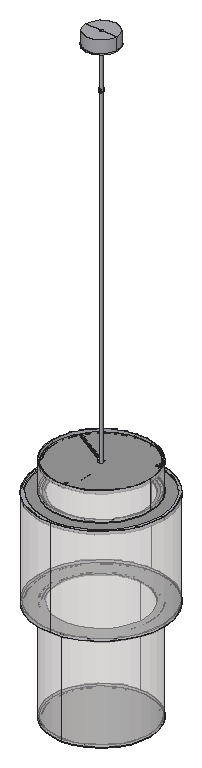
Revit family "Lighting - Lumetta - Pendant - P5542-Full", category Lighting Fixtures, host Ceiling, Revit 2015
Parameters
  Wattage = 11.7117 W
  built-in parameter 1150110 = 1 (stored number, unit not read)
  URL = "https://lumetta.com/luminaires/drum-double-42-pendant/"
  Type Comments = "Drum Double 42'' Pendant"  # constant formula
  built-in parameter 1114217 = 1 (stored number, unit not read)
  Top Lens-Material [instance] = Acrylic - 2447 - White
  Top Lens [instance] = yes
  built-in parameter 1150109 = 1 (stored number, unit not read)
  built-in parameter 1150134 = (empty or 0)
  Suspension [instance] = 2
  built-in parameter 1150113 = 1 (stored number, unit not read)
  Stem Hung-ALL Lamping [instance] = Suspension = 2  # yes
  P5542 URL [instance] = "https://lumetta.com/luminaires/drum-double-42-pendant/"
  Middle  Diffuser Material [instance] = Shade - Lumetta - D61 - MT_White
  Light Source Symbol Size = 0' - 1"
  Bottom  Diffuser Material [instance] = Shade - Lumetta - D61 - MT_White
  Coupling-Stems Over 60 inches [instance] = and([Stem Hung-ALL Lamping], Fixture Drop > 5' 0")  # yes
  Model = "P5542"  # constant formula
  Manufacturer = "Lumetta, Inc."  # constant formula
  Lumens = 1300 lm
  built-in parameter 1150115 = 1 (stored number, unit not read)
  built-in parameter 1150105 = 103.45 (stored number, unit not read)
  built-in parameter 1150137 = (empty or 0)
  built-in parameter 1150139 = (empty or 0)
  built-in parameter 1150112 = 1 (stored number, unit not read)
  built-in parameter 1150114 = 1 (stored number, unit not read)
  built-in parameter 1150132 = 1
  built-in parameter 1150102 = (empty or 0)
  built-in parameter 1150138 = (empty or 0)
  built-in parameter 1150107 = 3000 (stored number, unit not read)
  built-in parameter 1150106 = 1.0345 (stored number, unit not read)
  Frame Finish [instance] = Paint - Lumetta - F02 - PC_Chrome
  Fixture Height [instance] = 3' - 6"
  Fixture Drop [instance] = 5' - 10"
  built-in parameter 1150104 = 10.312 (stored number, unit not read)
  Dimming Lamp Color Temperature Shift = (empty or 0)
  Upper Diffuser Material [instance] = Shade - Lumetta - D61 - MT_White
  Description = ""
  Cord [instance] = Suspension = 1  # no
  Bottom Lens-Material [instance] = Acrylic - P95 - Etched White
  Bottom Lens [instance] = yes
  3 Cables [instance] = Suspension = 1  # no
  1CRD-3CB [instance] = Suspension = 1  # no
  Cord Color [instance] = Cord, Black
  Color Filter = 16777215
  built-in parameter 1114218 = 1 (stored number, unit not read)
  built-in parameter 1150133 = 10 (stored number, unit not read)
Reference planes (in)
  plane 1 "Light Source Axis (F/B)": y = 0
  plane 2 "Ceiling": z = 96
  plane 3 "Light Source Axis (L/R)": x = 0
  plane 4 "Light Source Elevation": z = 23.5
  plane 5 "Fixture-Top": z = 26
  plane 6 "Fixture-Radius": x = 9
  plane 7 "Fixture-Height": z = -16
Forms (in)
  Revolve 1, solid, material "Paint - Lumetta - F02 - PC_Chrome" <- "Frame Finish", visible <- "1CRD-3CB"
    sketch origin (0, 0, 0) x (1, 0, 0) y (0, 0, 1)
      loop
        line (0, 96) -> (0, 94.9375) -> (0.2793, 94.9375) -> (0.375, 95.4375) -> (3, 95.4375) -> (3, 95.5) -> (2.87509, 95.5) -> (2.87509, 96) -> (0, 96)
      axis (0, 96) -> (0, 94.9375)
    angle from 0 to 360
  Extrusion 2, void
    sketch origin (0, 0, 95.4375) x (0, -1, 0) y (1, 0, 0)
      loop
        circle (0, 0) r 0.25
      loop
        circle (2.5, 0) r 0.06274
      loop
        circle (-1.25012, 2.16499) r 0.06231
      loop
        circle (-1.20848, -2.18851) r 0.06217
    from 0 to 0.06358
  Revolve 3, solid, material "Paint - Lumetta - F02 - PC_Chrome" <- "Frame Finish"
    sketch origin (0, 0, 0) x (1, 0, 0) y (0, 0, 1)
      loop
        arc (1.9375, 93.36401) -> (2.12349, 93.55) -> (1.9375, 93.73599) r 0.18599
        line (1.9375, 93.73599) -> (1.9375, 93.36401)
      axis (1.9375, 93.73599) -> (1.9375, 93.36401)
    angle from 0 to 360
  Revolve 4, solid, material "Paint - Lumetta - F02 - PC_Chrome" <- "Frame Finish", visible <- "Stem Hung-ALL Lamping"
    sketch origin (0, 0, 0) x (-1, 0, 0) y (0, 0, 1)
      loop
        arc (1.9375, 93.37651) -> (2.12349, 93.5625) -> (1.9375, 93.74849) r 0.18599
        line (1.9375, 93.74849) -> (1.9375, 93.37651)
      axis (1.9375, 93.74849) -> (1.9375, 93.37651)
    angle from 0 to 360
  Revolve 5, solid, material "Paint - Lumetta - F02 - PC_Chrome" <- "Frame Finish"
    sketch origin (0, 0, 0) x (1, 0, 0) y (0, 0, 1)
      loop
        line (9, 26) -> (8.93781, 26) -> (8.93781, 25.56373) -> (8.50031, 25.56373) -> (8.50031, 25.50123) -> (9, 25.50123) -> (9, 26)
      loop
        line (9, 21.25004) -> (8.93781, 21.25004) -> (8.93781, 20.81378) -> (8.50031, 20.81378) -> (8.50031, 20.75) -> (9, 20.75) -> (9, 21.25004)
      loop
        line (11.5, 3.25004) -> (11.43781, 3.25004) -> (11.43781, 2.81378) -> (11.00031, 2.81378) -> (11.00031, 2.75) -> (11.5, 2.75) -> (11.5, 3.25004)
      loop
        line (11.5, 20.24996) -> (11.5, 20.75) -> (11.00031, 20.75) -> (11.00031, 20.68622) -> (11.43781, 20.68622) -> (11.43781, 20.24996) -> (11.5, 20.24996)
      loop
        line (9, 2.31246) -> (9, 2.8125) -> (8.5, 2.8125) -> (8.5, 2.74872) -> (8.93781, 2.74872) -> (8.93781, 2.31246) -> (9, 2.31246)
      loop
        line (9, -15.49996) -> (8.93781, -15.49996) -> (8.93781, -15.93622) -> (8.50031, -15.93622) -> (8.50031, -16) -> (9, -16) -> (9, -15.49996)
      axis (0, 26) -> (0, -16)
    angle from 0 to 360
  Revolve 6, solid, material "Shade - Lumetta - D61 - MT_White" <- "Upper Diffuser Material"
    sketch origin (0, 0, 0) x (1, 0, 0) y (0, 0, 1)
      loop
        line (9, 26) -> (9, 20.75) -> (9.03125, 20.75) -> (9.03125, 26) -> (9, 26)
      axis (0, 26) -> (0, 20.75)
    angle from 0 to 360
  Extrusion 7, solid, material "Paint - Lumetta - F02 - PC_Chrome" <- "Frame Finish"
    sketch origin (0, 0, 26) x (0, -1, 0) y (-1, 0, 0)
      loop
        line (7.74875, 0.5) -> (7.74875, -0.5) -> (8.96875, -0.5) -> (8.96875, 0.5) -> (7.74875, 0.5)
      loop
        circle (7.99875, 0) r 0.106
      loop
        line (-3.44136, -6.96061) -> (-4.30739, -6.46061) -> (-4.91739, -7.51717) -> (-4.05136, -8.01717) -> (-3.44136, -6.96061)
      loop
        circle (-3.99938, -6.92712) r 0.106
      loop
        line (-4.30739, 6.46061) -> (-3.44136, 6.96061) -> (-4.05136, 8.01717) -> (-4.91739, 7.51717) -> (-4.30739, 6.46061)
      loop
        circle (-3.99938, 6.92712) r 0.106
    from 0.56254 to 0.49877
  Extrusion 8, solid
    sketch origin (0, 0, 26) x (0, -1, 0) y (1, 0, 0)
      loop
        circle (7.99875, 0) r 0.125
      loop
        line (8.272, -0.9375) -> (8.272, 0.9375) -> (3.7512, 0.9375) -> (-1.0637, 3.71739) -> (-3.3241, 7.63251) -> (-4.9479, 6.69501) -> (-2.6875, 2.77989) -> (-2.6875, -2.77989) -> (-4.9479, -6.69501) -> (-3.3241, -7.63251) -> (-1.0637, -3.71739) -> (3.7512, -0.9375) -> (8.272, -0.9375)
      loop
        circle (0, 0) r 0.21875
      loop
        circle (-3.99937, 6.92712) r 0.125
      loop
        circle (-3.99937, -6.92712) r 0.125
    from -0.56254 to -0.625
  Sweep 9, solid, material "Steel, Galvanized", visible <- "3 Cables"
    path origin (0, 0, 0) x (0, 1, 0) y (0, 0, 1)
      loop
        line (-2.5, 95.50108) -> (-7.99993, 25.50123)
    profile origin (0, -5.24996, 60.50116) x (0, 0.996928, -0.078329) y (1, 0, 0)
      loop
        circle (0, 0) r 0.03125
  Revolve 10, solid, material "Paint - Lumetta - F02 - PC_Chrome" <- "Frame Finish", visible <- "Stem Hung-ALL Lamping"
    sketch origin (0, 0, -1.37386) x (1, 0, 0) y (0, 0, 1)
      loop
        arc (1.9375, 94.75037) -> (2.12349, 94.93636) -> (1.9375, 95.12236) r 0.18599
        line (1.9375, 95.12236) -> (1.9375, 94.75037)
      axis (1.9375, 95.12236) -> (1.9375, 94.75037)
    angle from 0 to 360
  Revolve 11, solid, material "Paint - Lumetta - F02 - PC_Chrome" <- "Frame Finish"
    sketch origin (0, 0, -1.37386) x (-1, 0, 0) y (0, 0, 1)
      loop
        arc (1.9375, 94.75037) -> (2.12349, 94.93636) -> (1.9375, 95.12236) r 0.18599
        line (1.9375, 95.12236) -> (1.9375, 94.75037)
      axis (1.9375, 95.12236) -> (1.9375, 94.75037)
    angle from 0 to 360
  Extrusion 12, solid, material "Paint - Lumetta - F02 - PC_Chrome" <- "Frame Finish", visible <- "Stem Hung-ALL Lamping"
    sketch origin (0, 0, 26) x (0, -1, 0) y (-1, 0, 0)
      loop
        circle (0, 0) r 0.25
    from 0.56254 to -70
  Revolve 13, solid, material "Paint - Lumetta - F02 - PC_Chrome" <- "Frame Finish", visible <- "Coupling-Stems Over 60 inches"
    sketch origin (0, 0, 0) x (1, 0, 0) y (0, 0, 1)
      loop
        line (0, 86.53023) -> (0, 86) -> (0.26233, 86)
        arc (0.26233, 86) -> (0.31307, 86.05074) -> (0.26233, 86.10149) r 0.05074
        arc (0.26233, 86.10149) -> (0.29304, 86.26499) -> (0.26243, 86.42851) r 0.45126
        arc (0.26243, 86.42851) -> (0.31329, 86.47937) -> (0.26243, 86.53023) r 0.05086
        line (0.26243, 86.53023) -> (0, 86.53023)
      axis (0, 86.53023) -> (0, 86)
    angle from 0 to 360
  Revolve 14, solid, material "Paint - Lumetta - F02 - PC_Chrome" <- "Frame Finish", visible <- "Stem Hung-ALL Lamping"
    sketch origin (0, 0, 0) x (1, 0, 0) y (0, 0, 1)
      loop
        line (0, 96) -> (0, 93.40625) -> (0.34988, 93.40625)
        arc (0.34988, 93.40625) -> (0.49124, 93.54417) -> (0.58115, 93.72) r 0.61026
        line (0.58115, 93.72) -> (3, 93.72) -> (3, 93.78) -> (2.875, 93.78) -> (2.875, 96) -> (0, 96)
      axis (0, 96) -> (0, 93.40625)
    angle from 0 to 360
  Extrusion 15, solid, material "Cord, Black" <- "Cord Color", visible <- "Cord"
    sketch origin (0, 0, 26) x (0, -1, 0) y (1, 0, 0)
      loop
        circle (0, 0) r 0.15674
    from -0.56254 to 69.5
  Extrusion 16, solid, material "Acrylic - P95 - Etched White" <- "Bottom Lens-Material", visible <- "Bottom Lens"
    sketch origin (0.06736, 0, 13) x (0, -1, 0) y (1, 0, 0)
      loop
        circle (0, -0.06736) r 8.875
    from -28.93622 to -28.81953
  Extrusion 17, solid, material "Acrylic - P95 - Etched White" <- "Bottom Lens-Material"
    sketch origin (-0.07923, 0, 18.5) x (0, -1, 0) y (1, 0, 0)
      loop
        circle (0, 0.07923) r 11.375
      loop
        circle (0, 0.07923) r 8
    from 2.06506 to 2.18622
  Extrusion 18, solid, material "Acrylic - P95 - Etched White" <- "Bottom Lens-Material"
    sketch origin (0.06736, 0, 15.5) x (0, -1, 0) y (1, 0, 0)
      loop
        circle (0, -0.06736) r 11.375
      loop
        circle (0, -0.06736) r 8
    from -12.57299 to -12.68622
  Extrusion 19, solid, material "Shade - Lumetta - D61 - MT_White" <- "Bottom  Diffuser Material"
    sketch origin (0, 0, -16) x (0, -1, 0) y (1, 0, 0)
      loop
        circle (0, 0) r 9
      loop
        circle (0, 0) r 9.03125
    from 0 to 18.75
  Extrusion 20, solid, material "Shade - Lumetta - D61 - MT_White" <- "Middle  Diffuser Material"
    sketch origin (0, 0, -16) x (0, -1, 0) y (1, 0, 0)
      loop
        circle (0, 0) r 11.5
      loop
        circle (0, 0) r 11.53125
    from 18.75 to 36.75
  Extrusion 21, solid, material "Acrylic - P95 - Etched White" <- "Bottom Lens-Material", visible <- "Top Lens"
    sketch origin (-1.17366, 0, 23.43618) x (0, -1, 0) y (1, 0, 0)
      loop
        line (8.68475, 0.95491) -> (7.99875, 0.95491)
        arc (7.99875, 0.95491) -> (7.78, 1.17366) -> (7.99875, 1.39241) r 0.21875
        line (7.99875, 1.39241) -> (8.68475, 1.39241)
        arc (8.68475, 1.39241) -> (4.34375, 8.69726) -> (-4.15293, 8.80425) r 8.6875
        line (-4.15293, 8.80425) -> (-3.80993, 8.21016)
        arc (-3.80993, 8.21016) -> (-3.89, 7.91134) -> (-4.18882, 7.99141) r 0.21875
        line (-4.18882, 7.99141) -> (-4.53182, 8.5855)
        arc (-4.53182, 8.5855) -> (-8.6875, 1.17366) -> (-4.53182, -6.23817) r 8.6875
        line (-4.53182, -6.23817) -> (-0.4315, 0.86378)
        arc (-0.4315, 0.86378) -> (0.26563, 1.63374) -> (-0.05262, 0.64503) r 0.53125
        line (-0.05262, 0.64503) -> (-4.15293, -6.45692)
        arc (-4.15293, -6.45692) -> (4.34375, -6.34993) -> (8.68475, 0.95491) r 8.6875
    from 2.06506 to 2.18622
  Sweep 22, solid, material "Steel, Galvanized", visible <- "3 Cables"
    path origin (0, 0, 0) x (-0.866025, -0.5, 0) y (0, 0, 1)
      loop
        line (-2.5, 95.50108) -> (-7.99993, 25.50123)
    profile origin (4.5466, 2.62498, 60.50116) x (-0.863365, -0.498464, -0.078329) y (-0.5, 0.866025, 0)
      loop
        circle (0, 0) r 0.03125
  Sweep 23, solid, material "Steel, Galvanized", visible <- "3 Cables"
    path origin (0, 0, 0) x (0.866025, -0.5, 0) y (0, 0, 1)
      loop
        line (-2.5, 95.50108) -> (-7.99993, 25.50123)
    profile origin (-4.5466, 2.62498, 60.50116) x (0.863365, -0.498464, -0.078329) y (-0.5, -0.866025, 0)
      loop
        circle (0, 0) r 0.03125
Cuts and joins
  joined: Revolve 5, Extrusion 7
Dimensions and locks (in)
  equal spacing: host sketch curve, plane 3 "Light Source Axis (L/R)", host sketch curve
  equal spacing: host sketch curve, plane 1 "Light Source Axis (F/B)", host sketch curve
  host sketch curve to host sketch curve = 10' - 0"  (x2)
  "Fixture Drop": plane 2 "Ceiling" to plane 5 "Fixture-Top"
  locked: plane 5 "Fixture-Top" to plane 4 "Light Source Elevation" at 2.5
  plane 6 "Fixture-Radius" to plane 3 "Light Source Axis (L/R)" = 0' - 9"
  "Fixture Height": plane 5 "Fixture-Top" to plane 7 "Fixture-Height"
  locked: Revolve 1 sketch curve to plane 3 "Light Source Axis (L/R)" at 2.87509
  locked: Revolve 1 sketch curve to plane 3 "Light Source Axis (L/R)" at 3
  locked: Extrusion 2 sketch curve to Extrusion 2 sketch curve at 2.5  (x3)
  locked: plane 1 "Light Source Axis (F/B)" to Extrusion 2 sketch curve at 1.20848
  locked: plane 1 "Light Source Axis (F/B)" to Extrusion 2 sketch curve at 1.25012
  locked: Revolve 3 sketch curve to plane 3 "Light Source Axis (L/R)" at 1.9375
  plane 6 "Fixture-Radius" to Revolve 5 sketch curve = 0' - 0.06219"
  locked: Revolve 6 sketch curve to plane 6 "Fixture-Radius" at 0.03125
  locked: Extrusion 7 sketch curve to Extrusion 7 sketch curve at 1  (x3)
  Extrusion 7 sketch curve to plane 3 "Light Source Axis (L/R)" = 0' - 0 1/2"
  host ceiling to Revolve 3 sketch curve = 0' - 2.45"
  host ceiling to Revolve 4 sketch curve = 0' - 2 7/16"
  locked: host ceiling to Revolve 10 sketch curve at 2.4375
  locked: host ceiling to Revolve 11 sketch curve at 2.4375
  locked: Extrusion 12 sketch curve to imposter light
  locked: Extrusion 12 sketch curve to imposter light at 0
  Revolve 13 sketch curve to Revolve 13 sketch curve = 0' - 0.15822"
  locked: Revolve 13 sketch curve to Revolve 6 at 60
  locked: Revolve 13 sketch curve to Revolve 13 sketch curve at 0.53023
  locked: Revolve 13 sketch curve to Revolve 13 sketch curve at 0.26243
  locked: Revolve 13 sketch curve to Revolve 13 sketch curve at 0.26233
  locked: Revolve 13 sketch curve to Revolve 13 sketch curve at 0.05074
  locked: Revolve 13 sketch curve to Revolve 13 sketch curve at 0.47937
  locked: Revolve 13 sketch curve to Revolve 13 sketch curve at 0.26512
  locked: Revolve 14 sketch curve to Revolve 14 sketch curve at 2.875
  locked: Revolve 14 sketch curve to Revolve 14 sketch curve at 0.31375
  locked: plane 5 "Fixture-Top" to Revolve 5 sketch curve at 0.49877
  locked: Revolve 5 sketch curve to Revolve 5 sketch curve at 0.0625
  locked: plane 6 "Fixture-Radius" to Revolve 5 sketch curve at 0.49969
  locked: Revolve 1 sketch curve to Revolve 1 sketch curve at 0.0625
  locked: host ceiling to Revolve 1 sketch curve at 0.5625
  locked: Revolve 1 sketch curve to Revolve 1 sketch curve at 0.5625
  locked: Revolve 1 sketch curve to Revolve 1 sketch curve at 3
  Revolve 1 sketch curve to Revolve 1 sketch curve = 0' - 2.87509"
  locked: Revolve 1 sketch curve to Revolve 1 sketch curve at 0.5
  locked: Revolve 1 sketch curve to Revolve 1 sketch curve at 0.375
  locked: Revolve 1 sketch curve to Revolve 1 sketch curve at 0.2793
  Revolve 3 sketch curve to Revolve 3 sketch curve = 0' - 0"
  Revolve 1 to Revolve 3 sketch curve = 0' - 2.45"
  locked: Revolve 1 to Revolve 4 sketch curve at 2.4375
  locked: plane 5 "Fixture-Top" to Revolve 5 sketch curve at 5.25  (x2)
  locked: Revolve 5 sketch curve to Revolve 5 sketch curve at 0.06378  (x3)
  locked: Revolve 5 sketch curve to Revolve 5 sketch curve at 0.50004  (x3)
  locked: Revolve 5 sketch curve to Revolve 5 sketch curve at 0.06219  (x2)
  locked: plane 3 "Light Source Axis (L/R)" to Extrusion 16 sketch curve
  locked: Extrusion 16 sketch curve to plane 1 "Light Source Axis (F/B)"
  locked: Extrusion 17 sketch curve to plane 3 "Light Source Axis (L/R)"
  locked: Extrusion 17 sketch curve to plane 1 "Light Source Axis (F/B)"
  locked: Extrusion 18 sketch curve to plane 3 "Light Source Axis (L/R)" at 0
  locked: Extrusion 18 sketch curve to plane 1 "Light Source Axis (F/B)"
  locked: plane 6 "Fixture-Radius" to Revolve 6 sketch curve
  locked: Extrusion 16 to plane 7 "Fixture-Height" at 0.06378
  locked: Extrusion 16 to Extrusion 16 at 0.1167
  locked: Revolve 5 sketch curve to plane 6 "Fixture-Radius" at 0
  locked: Revolve 5 sketch curve to plane 6 "Fixture-Radius" at 2.5
  locked: Revolve 5 sketch curve to Revolve 5 sketch curve at 0.49969  (x3)
  locked: plane 6 "Fixture-Radius" to Revolve 5 sketch curve at 2.5
  locked: plane 1 "Light Source Axis (F/B)" to Extrusion 19 sketch curve
  locked: Extrusion 19 sketch curve to plane 3 "Light Source Axis (L/R)" at 0
  locked: Extrusion 20 sketch curve to plane 3 "Light Source Axis (L/R)" at 0
  locked: Extrusion 20 sketch curve to plane 1 "Light Source Axis (F/B)"
  locked: Extrusion 7 sketch curve to Extrusion 7 sketch curve at 1.22  (x3)
  locked: Extrusion 7 sketch curve to Extrusion 7 sketch curve at 0.25  (x3)
  locked: Extrusion 7 sketch curve to plane 1 "Light Source Axis (F/B)" at 7.99875
  locked: Extrusion 8 sketch curve to plane 3 "Light Source Axis (L/R)" at 0
  locked: Extrusion 8 sketch curve to plane 1 "Light Source Axis (F/B)"
  locked: plane 3 "Light Source Axis (L/R)" to Extrusion 8 sketch curve at 0.9375
  locked: Extrusion 8 sketch curve to plane 1 "Light Source Axis (F/B)" at 8.272
  Revolve 5 sketch curve to plane 7 "Fixture-Height" = 0' - 0"
  locked: plane 3 "Light Source Axis (L/R)" to Revolve 5 sketch curve at 9
  Revolve 5 sketch curve to Revolve 5 sketch curve = 1' - 6 13/16"
  Revolve 5 sketch curve to Revolve 5 sketch curve = 0' - 0.06378"
  Revolve 5 sketch curve to Revolve 5 sketch curve = 0' - 0.50004"  (x2)
  Revolve 5 sketch curve to Revolve 5 sketch curve = 0' - 0.00128"
  equal spacing: Revolve 5 sketch curve, Extrusion 20, Revolve 5 sketch curve
  locked: Revolve 5 sketch curve to Revolve 5 sketch curve at 18
  locked: Extrusion 17 to Extrusion 17 at 0.12116
  locked: Extrusion 21 to Extrusion 21 at 0.12116
  locked: Extrusion 18 to Extrusion 18 at 0.11323
  locked: Extrusion 21 sketch curve to plane 3 "Light Source Axis (L/R)"  (x2)
  locked: Extrusion 21 sketch curve to plane 1 "Light Source Axis (F/B)"  (x2)
  locked: plane 1 "Light Source Axis (F/B)" to Sweep 9 sketch curve at 7.99993
  locked: plane 1 "Light Source Axis (F/B)" to Sweep 9 sketch curve at 2.5
  aligned and locked: plane 3 "Light Source Axis (L/R)" to imposter light
  aligned and locked: plane 1 "Light Source Axis (F/B)" to imposter light
  aligned and locked: plane 4 "Light Source Elevation" to imposter light
  aligned and locked: Revolve 6 sketch curve to plane 3 "Light Source Axis (L/R)"
  aligned and locked: Revolve 13 sketch curve to Revolve 13 sketch curve  (x2)
  aligned and locked: Extrusion 7 to Extrusion 8
  aligned and locked: Revolve 5 to Extrusion 7
  aligned and locked: host ceiling to Extrusion 12
  aligned and locked: Extrusion 8 to Extrusion 12
  aligned and locked: Revolve 1 to Extrusion 15
  aligned and locked: Extrusion 20 to Revolve 6
  aligned and locked: Extrusion 20 to cut or joined group of Revolve 5, Extrusion 7  (x2)
  aligned and locked: cut or joined group of Revolve 5, Extrusion 7 to Extrusion 17
  aligned and locked: cut or joined group of Revolve 5, Extrusion 7 to Extrusion 19
  aligned and locked: plane 7 "Fixture-Height" to Extrusion 19
  aligned and locked: Extrusion 18 to cut or joined group of Revolve 5, Extrusion 7
Automatic sketch dimensions
  Revolve 1 sketch curve to plane 3 "Light Source Axis (L/R)" = 0' - 0"
  Revolve 1 sketch curve to plane 5 "Fixture-Top" = 0' - 1 1/4"
  Revolve 1 sketch curve to Revolve 1 sketch curve = 0' - 9 3/4"
  Extrusion 2 sketch curve to Extrusion 2 sketch curve = 0' - 0"
  Revolve 3 sketch curve to Revolve 3 sketch curve = 0' - 0.18599"
  Revolve 3 sketch curve to plane 2 "Ceiling" = 0' - 0.90474"
  Revolve 3 sketch curve to Revolve 3 sketch curve = 0' - 0.37199"
  plane 3 "Light Source Axis (L/R)" to Revolve 4 sketch curve = 0' - 1 15/16"
  Revolve 4 sketch curve to Revolve 4 sketch curve = 0' - 0.18599"
  plane 2 "Ceiling" to Revolve 4 sketch curve = 0' - 0.53276"
  Revolve 4 sketch curve to Revolve 4 sketch curve = 0' - 0"
  Revolve 4 sketch curve to Revolve 4 sketch curve = 0' - 0.37199"
  Revolve 5 sketch curve to plane 3 "Light Source Axis (L/R)" = 0' - 0"
  Revolve 5 sketch curve to plane 6 "Fixture-Radius" = 0' - 0"  (x2)
  Revolve 5 sketch curve to plane 5 "Fixture-Top" = 0' - 0"
  Revolve 5 sketch curve to plane 6 "Fixture-Radius" = 0' - 0 1/2"
  Revolve 5 sketch curve to Revolve 5 sketch curve = 0' - 0.49969"
  Revolve 5 sketch curve to plane 6 "Fixture-Radius" = 0' - 0.06219"
  Revolve 5 sketch curve to Revolve 5 sketch curve = 0' - 0.06219"  (x2)
  Revolve 5 sketch curve to Revolve 5 sketch curve = 0' - 0.06378"
  Revolve 5 sketch curve to plane 7 "Fixture-Height" = 0' - 6"
  Revolve 5 sketch curve to plane 2 "Ceiling" = 0' - 1"
  Revolve 6 sketch curve to plane 5 "Fixture-Top" = 0' - 0"
  plane 4 "Light Source Elevation" to Revolve 6 sketch curve = 0' - 2 3/4"
  plane 7 "Fixture-Height" to Revolve 6 sketch curve = 0' - 1 1/4"
  Revolve 6 sketch curve to plane 5 "Fixture-Top" = 0' - 2 1/4"
  Extrusion 7 sketch curve to plane 3 "Light Source Axis (L/R)" = 0' - 0"
  Extrusion 7 sketch curve to plane 6 "Fixture-Radius" = 0' - 2.03939"
  Extrusion 7 sketch curve to plane 1 "Light Source Axis (F/B)" = 0' - 3.44136"  (x2)
  Extrusion 7 sketch curve to Extrusion 7 sketch curve = 0' - 0.55801"  (x2)
  Extrusion 7 sketch curve to Extrusion 7 sketch curve = 0' - 0.05199"
  Extrusion 7 sketch curve to plane 6 "Fixture-Radius" = 0' - 0.98283"
  Extrusion 7 sketch curve to plane 3 "Light Source Axis (L/R)" = 0' - 0 1/2"
  Extrusion 7 sketch curve to plane 3 "Light Source Axis (L/R)" = 0' - 6.46061"
  Extrusion 8 sketch curve to plane 3 "Light Source Axis (L/R)" = 0' - 0"
  Extrusion 8 sketch curve to plane 1 "Light Source Axis (F/B)" = 0' - 1.0637"  (x2)
  Extrusion 8 sketch curve to Extrusion 8 sketch curve = 0' - 1.6238"
  Extrusion 8 sketch curve to plane 1 "Light Source Axis (F/B)" = 0' - 3.3241"  (x2)
  Extrusion 8 sketch curve to plane 6 "Fixture-Radius" = 0' - 1.36749"
  Extrusion 8 sketch curve to Extrusion 8 sketch curve = 0' - 0.67527"  (x2)
  Extrusion 8 sketch curve to Extrusion 8 sketch curve = 0' - 0.94852"  (x2)
  Extrusion 8 sketch curve to plane 6 "Fixture-Radius" = 0' - 2.30499"
  Extrusion 8 sketch curve to plane 3 "Light Source Axis (L/R)" = 0' - 0 15/16"
  plane 1 "Light Source Axis (F/B)" to Extrusion 8 sketch curve = 0' - 3.7512"
  Extrusion 8 sketch curve to Extrusion 8 sketch curve = 0' - 0"
  Extrusion 8 sketch curve to Extrusion 8 sketch curve = 0' - 0.27325"
  Extrusion 8 sketch curve to plane 3 "Light Source Axis (L/R)" = 0' - 2.77989"
  Extrusion 8 sketch curve to Extrusion 8 sketch curve = 0' - 0 15/16"
  Extrusion 8 sketch curve to Extrusion 8 sketch curve = 0' - 0.70539"
  Extrusion 8 sketch curve to Extrusion 8 sketch curve = 0' - 0.23211"
  Sweep 9 sketch curve to plane 3 "Light Source Axis (L/R)" = 0' - 0"
  Sweep 9 sketch curve to profile plane = 0' - 0"
  plane 3 "Light Source Axis (L/R)" to Revolve 10 sketch curve = 0' - 1 15/16"
  Revolve 10 sketch curve to Revolve 10 sketch curve = 0' - 0.18599"
  Revolve 10 sketch curve to Revolve 10 sketch curve = 0' - 0"
  Revolve 10 sketch curve to Revolve 10 sketch curve = 0' - 0.0271"
  Revolve 10 sketch curve to Revolve 10 sketch curve = 0' - 0.34489"
  plane 3 "Light Source Axis (L/R)" to Revolve 11 sketch curve = 0' - 1 15/16"
  Revolve 11 sketch curve to Revolve 11 sketch curve = 0' - 0.18599"
  Revolve 11 sketch curve to Revolve 11 sketch curve = 0' - 0"
  Revolve 11 sketch curve to Revolve 11 sketch curve = 0' - 0.0271"
  Revolve 11 sketch curve to Revolve 11 sketch curve = 0' - 0.34489"
  Revolve 13 sketch curve to plane 3 "Light Source Axis (L/R)" = 0' - 0"
  Revolve 13 sketch curve to Revolve 13 sketch curve = 0' - 11.34317"
  Revolve 14 sketch curve to plane 3 "Light Source Axis (L/R)" = 0' - 0"  (x3)
  Revolve 14 sketch curve to plane 2 "Ceiling" = 0' - 0"
  plane 3 "Light Source Axis (L/R)" to Revolve 14 sketch curve = 0' - 0.34988"
  Revolve 14 sketch curve to Revolve 14 sketch curve = 0' - 0.23126"
  Revolve 14 sketch curve to Revolve 14 sketch curve = 0' - 0 1/8"
  Revolve 14 sketch curve to plane 2 "Ceiling" = 0' - 2 3/32"
  Revolve 14 sketch curve to Revolve 14 sketch curve = 0' - 0.06"
  plane 2 "Ceiling" to Revolve 14 sketch curve = 0' - 1 3/4"
  Revolve 14 sketch curve to Revolve 14 sketch curve = 0' - 2 1/2"
  plane 1 "Light Source Axis (F/B)" to Extrusion 15 sketch curve = 0' - 0"
  Extrusion 15 sketch curve to plane 3 "Light Source Axis (L/R)" = 0' - 0"
  Extrusion 17 sketch curve to Extrusion 17 sketch curve = 0' - 0"  (x2)
  Extrusion 18 sketch curve to Extrusion 18 sketch curve = 0' - 0"  (x2)
  Extrusion 19 sketch curve to Extrusion 19 sketch curve = 0' - 0"  (x2)
  Extrusion 20 sketch curve to Extrusion 20 sketch curve = 0' - 0"  (x2)
  plane 5 "Fixture-Top" to Sweep 9 sketch curve = 0' - 0.49877"
  Sweep 9 sketch curve to plane 2 "Ceiling" = 0' - 0.49892"
  plane 5 "Fixture-Top" to Sweep 22 sketch curve = 0' - 0.49877"
  Sweep 22 sketch curve to plane 2 "Ceiling" = 0' - 0.49892"
  Sweep 22 sketch curve to Sweep 22 sketch curve = 0' - 5.49993"
  profile plane to Sweep 22 sketch curve = 0' - 0"  (x2)
  plane 5 "Fixture-Top" to Sweep 23 sketch curve = 0' - 0.49877"
  Sweep 23 sketch curve to plane 2 "Ceiling" = 0' - 0.49892"
  Sweep 23 sketch curve to Sweep 23 sketch curve = 0' - 5.49993"
  profile plane to Sweep 23 sketch curve = 0' - 0"
  Sweep 23 sketch curve to profile plane = 0' - 0"
  Extrusion 21 sketch curve to Extrusion 21 sketch curve = 0' - 0"  (x5)
  Extrusion 21 sketch curve to plane 3 "Light Source Axis (L/R)" = 0' - 0"
  Extrusion 21 sketch curve to plane 1 "Light Source Axis (F/B)" = 0' - 0.05262"
  Extrusion 21 sketch curve to plane 1 "Light Source Axis (F/B)" = 0' - 0.4315"
  Extrusion 21 sketch curve to plane 1 "Light Source Axis (F/B)" = 0' - 3.80993"
  Extrusion 21 sketch curve to Extrusion 21 sketch curve = 0' - 0.18944"  (x2)
  Extrusion 21 sketch curve to plane 6 "Fixture-Radius" = 0' - 1.36941"
  Extrusion 21 sketch curve to Extrusion 21 sketch curve = 0' - 0.343"
  Extrusion 21 sketch curve to plane 1 "Light Source Axis (F/B)" = 0' - 4.15293"
  Extrusion 21 sketch curve to plane 6 "Fixture-Radius" = 0' - 2.18225"
  Extrusion 21 sketch curve to Extrusion 21 sketch curve = 0' - 0.37889"  (x2)
  Extrusion 21 sketch curve to plane 6 "Fixture-Radius" = 0' - 1.58816"
  Extrusion 21 sketch curve to plane 3 "Light Source Axis (L/R)" = 0' - 0 7/32"
  Extrusion 21 sketch curve to Extrusion 21 sketch curve = 0' - 0.686"
  Extrusion 21 sketch curve to plane 3 "Light Source Axis (L/R)" = 0' - 0.30989"
  Extrusion 21 sketch curve to Extrusion 21 sketch curve = 0' - 0 7/64"
  radius of Extrusion 2 sketch curve to Revolve 1 = 0' - 0 1/8"
  radius of Extrusion 2 sketch curve = 0' - 0.06274"
  radius of Extrusion 2 sketch curve = 0' - 0.06231"
  radius of Extrusion 2 sketch curve = 0' - 0.06217"
  radius of Extrusion 7 sketch curve = 0' - 0.106"  (x3)
  radius of Extrusion 8 sketch curve = 0' - 0 1/8"  (x3)
  radius of Extrusion 8 sketch curve = 0' - 0 7/32"
  radius of Sweep 9 sketch curve = 0' - 0 1/32"
  radius of Extrusion 12 sketch curve = 0' - 0 1/4"
  radius of Extrusion 15 sketch curve = 0' - 0.15674"
  radius of Extrusion 16 sketch curve = 0' - 8 7/8"
  radius of Extrusion 17 sketch curve = 0' - 11 3/8"
  radius of Extrusion 17 sketch curve = 0' - 8"
  radius of Extrusion 18 sketch curve = 0' - 11 3/8"
  radius of Extrusion 18 sketch curve = 0' - 8"
  radius of Extrusion 19 sketch curve = 0' - 9"
  radius of Extrusion 19 sketch curve = 0' - 9 1/32"
  radius of Extrusion 20 sketch curve = 0' - 11 1/2"
  radius of Extrusion 20 sketch curve = 0' - 11 17/32"
  radius of Sweep 22 sketch curve = 0' - 0 1/32"
  radius of Sweep 23 sketch curve = 0' - 0 1/32"
